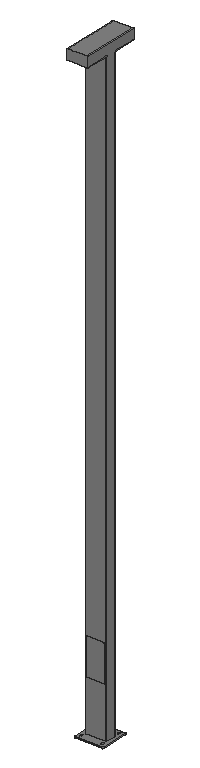
Revit family "Супремус В", category Осветительные приборы, Revit 2019 (continued)
Parameters (values of type "ДТУ121с10 Светодиодный светильник Супремус-B ДТУ-121-AF-ДТУП1212(60Вт)+ДТУП1212(60Вт)-6,0")
    9 10.2 9.6 9.0\r\n 8.4 7.8 7.2 6.6 6.2 6.0 5.8 5.3 4.7 4.2 3.7 3.2 2.9 2.7 2.5 2.3 2.1 1.9 1.8 1.7 1.5 1.3 1.2 1.0 1.0 0.0 0.0 0.0 0.0 0.0 0.0 0.0\r\n 0.0 0.0 0.0 0.0 0.0 0.0 0.0 0.0 0.0 0.0 0.0 0.0 0.0 0.0 0.0 0.0 0.0 0.0 0.0 0.0 0.0 0.0 0.0 0.0 0.0 0.0 0.0 0.0 0.0 0.0 0.0 0.0\r\n 0.0 0.0 0.0 0.0 0.0 0.0 0.0 0.0 0.0 0.0 0.0 0.0 0.0 0.0 0.0 0.0 0.0 0.0 0.0 0.0 0.0 0.0 0.0 0.0 0.0 0.0 0.0 0.0 0.0 0.0 0.0 0.0\r\n 0.0 0.0 0.0 0.0 0.0 0.0 0.0 0.0 0.0 0.0 0.0 0.0 0.0 0.0 0.0 0.0 0.0 0.0 0.0 0.0 0.0 0.0 0.0 0.0 0.0 0.0 0.0 0.0 0.0 0.0 0.0 0.0\r\n 0.0 0.0 0.0 0.0 0.0 0.0 0.0 0.0 0.0 0.0 0.0 0.0 0.0 0.0 0.0 0.0 0.0 0.0 0.0 0.0 0.0 0.0 0.0 0.0 0.0 0.0 0.0 0.0 0.0 0.0 0.0 0.0\r\n 0.0 0.0 0.0 0.0 0.0 0.0 0.0 0.0 0.0 0.0 0.0 0.0 0.0 0.0 0.0 0.0 0.0 0.0 0.0 0.0 0.0 0.0 0.0 0.0 0.0\r\n275.6 277.4 279.5 281.4 283.3 285.3 287.6 289.9 292.3 294.7 297.0 299.3 301.4 303.4 305.3 307.0 308.7 310.4 311.9 313.4 314.6\r\n 316.1 317.5 318.7 320.3 321.7 323.3 324.5 325.8 326.8 328.0 328.8 329.9 330.8 331.6 332.5 333.2 333.9 334.5 335.1 335.7 336.6\r\n 337.3 337.8 338.6 339.6 340.5 341.6 342.9 344.1 345.7 347.1 348.4 349.7 350.9 352.2 353.3 354.7 355.7 356.9 358.1 359.5 360.9\r\n 362.4 363.5 364.9 366.1 367.4 368.8 369.7 370.4 371.1 372.1 373.0 374.4 375.3 375.2 375.3 375.4 374.5 373.0 371.0 369.5 368.2\r\n 366.9 365.5 363.6 361.8 360.1 358.5 357.1 355.2 353.4 351.1 349.3 347.1 345.0 342.9 340.8 338.6 336.1 333.2 330.1 326.7 323.2\r\n 318.9 314.3 309.6 304.4 298.8 293.2 287.5 281.8 276.2 271.0 265.7 261.0 256.7 251.9 247.4 242.6 237.2 232.0 226.6 220.7 214.4\r\n 208.2 201.6 195.0 187.8 180.7 173.7 166.6 159.8 152.9 145.8 138.0 129.5 120.7 111.2 101.8 92.6 83.6 75.3 68.1 61.9 55.7 51.0 46.8\r\n 43.5 40.5 37.8 35.7 33.8 32.1 30.5 29.0 27.6 26.2 24.9 23.6 22.4 21.2 20.1 19.1 18.2 17.3 16.5 15.9 15.2 14.2 13.3 12.5 11.8 11.0\r\n 10.1 9.3 8.4 7.7 7.0 6.5 6.2 5.9 5.4 4.7 4.3 3.8 3.3 2.8 2.5 2.3 2.0 1.8 1.7 1.5 1.4 1.3 1.1 0.9 0.9 0.8 0.0 0.0 0.0 0.0 0.0 0.0\r\n 0.0 0.0 0.0 0.0 0.0 0.0 0.0 0.0 0.0 0.0 0.0 0.0 0.0 0.0 0.0 0.0 0.0 0.0 0.0 0.0 0.0 0.0 0.0 0.0 0.0 0.0 0.0 0.0 0.0 0.0 0.0 0.0\r\n 0.0 0.0 0.0 0.0 0.0 0.0 0.0 0.0 0.0 0.0 0.0 0.0 0.0 0.0 0.0 0.0 0.0 0.0 0.0 0.0 0.0 0.0 0.0 0.0 0.0 0.0 0.0 0.0 0.0 0.0 0.0 0.0\r\n 0.0 0.0 0.0 0.0 0.0 0.0 0.0 0.0 0.0 0.0 0.0 0.0 0.0 0.0 0.0 0.0 0.0 0.0 0.0 0.0 0.0 0.0 0.0 0.0 0.0 0.0 0.0 0.0 0.0 0.0 0.0 0.0\r\n 0.0 0.0 0.0 0.0 0.0 0.0 0.0 0.0 0.0 0.0 0.0 0.0 0.0 0.0 0.0 0.0 0.0 0.0 0.0 0.0 0.0 0.0 0.0 0.0 0.0 0.0 0.0 0.0 0.0 0.0 0.0 0.0\r\n 0.0 0.0 0.0 0.0 0.0 0.0 0.0 0.0 0.0 0.0 0.0 0.0 0.0 0.0 0.0 0.0 0.0 0.0 0.0 0.0 0.0 0.0 0.0 0.0 0.0 0.0\r\n275.6 277.4 279.0 280.8 282.6 284.4 286.4 288.3 290.5 292.5 294.6 296.7 298.6 300.6 302.3 303.9 305.5 307.0 308.3 309.7 311.1\r\n 312.4 313.5 314.5 315.6 316.8 318.1 319.4 320.8 321.9 323.2 324.2 325.3 326.3 327.1 327.8 328.4 329.2 330.2 330.9 331.8 332.5\r\n 333.0 333.7 334.3 335.3 336.0 336.9 337.8 339.0 340.2 341.6 343.0 344.5 346.0 347.8 349.5 351.3 353.2 355.0 356.8 358.6 360.5\r\n 362.8 365.0 367.0 369.7 372.1 374.4 376.7 379.0 380.6 382.2 383.8 385.2 387.1 388.5 389.2 390.5 391.4 391.3 390.9 389.9 389.9\r\n 389.9 389.8 389.8 389.8 389.8 390.2 390.2 391.2 392.0 392.7 393.0 392.8 392.5 392.4 392.1 391.7 391.3 391.1 390.2 389.3 387.9\r\n 386.2 384.4 382.2 379.1 375.7 372.2 368.6 364.6 360.5 356.3 352.3 348.5 344.7 340.8 336.9 333.0 328.6 324.0 319.0 313.7 307.3\r\n 300.7 293.7 285.8 277.7 269.5 261.0 251.8 242.1 231.0 219.4 207.8 195.8 183.3 170.4 157.8 145.2 133.3 121.5 109.6 98.5 87.6 77.8\r\n 68.4 60.2 53.3 47.3 42.4 38.8 35.8 33.2 30.7 28.7 27.1 25.8 24.6 23.6 22.9 22.0 21.4 20.9 20.3 19.5 18.6 17.9 16.9 15.7 14.5 13.3\r\n 12.1 11.0 9.8 8.8 7.9 7.1 6.5 5.9 5.4 5.2 4.6 4.2 3.6 3.2 2.7 2.3 1.9 1.7 1.5 1.4 1.3 1.1 1.0 0.9 0.8 0.7 0.6 0.0 0.0 0.0 0.0 0.0\r\n 0.0 0.0 0.0 0.0 0.0 0.0 0.0 0.0 0.0 0.0 0.0 0.0 0.0 0.0 0.0 0.0 0.0 0.0 0.0 0.0 0.0 0.0 0.0 0.0 0.0 0.0 0.0 0.0 0.0 0.0 0.0 0.0\r\n 0.0 0.0 0.0 0.0 0.0 0.0 0.0 0.0 0.0 0.0 0.0 0.0 0.0 0.0 0.0 0.0 0.0 0.0 0.0 0.0 0.0 0.0 0.0 0.0 0.0 0.0 0.0 0.0 0.0 0.0 0.0 0.0\r\n 0.0 0.0 0.0 0.0 0.0 0.0 0.0 0.0 0.0 0.0 0.0 0.0 0.0 0.0 0.0 0.0 0.0 0.0 0.0 0.0 0.0 0.0 0.0 0.0 0.0 0.0 0.0 0.0 0.0 0.0 0.0 0.0\r\n 0.0 0.0 0.0 0.0 0.0 0.0 0.0 0.0 0.0 0.0 0.0 0.0 0.0 0.0 0.0 0.0 0.0 0.0 0.0 0.0 0.0 0.0 0.0 0.0 0.0 0.0 0.0 0.0 0.0 0.0 0.0 0.0\r\n 0.0 0.0 0.0 0.0 0.0 0.0 0.0 0.0 0.0 0.0 0.0 0.0 0.0 0.0 0.0 0.0 0.0 0.0 0.0 0.0 0.0 0.0 0.0 0.0 0.0 0.0 0.0\r\n275.6 277.2 278.7 280.3 281.9 283.4 285.0 287.0 288.7 290.5 292.1 294.0 295.6 297.3 299.0 300.5 301.9 303.2 304.5 305.8 306.9\r\n 308.1 309.0 310.0 311.2 312.1 313.2 314.2 315.4 316.3 317.6 318.6 319.8 320.9 321.8 322.7 323.5 324.4 325.2 325.9 326.8 327.9\r\n 328.8 329.9 330.8 331.5 332.5 333.1 333.8 334.8 335.7 336.9 338.2 339.5 341.0 342.6 344.4 346.1 348.0 350.3 352.4 354.7 357.2\r\n 359.7 362.4 365.0 367.8 370.6 373.6 376.6 379.5 382.0 384.5 386.7 388.8 390.8 393.0 395.0 396.3 398.6 400.6 401.8 402.7 403.8\r\n 404.7 406.3 408.0 409.7 411.5 413.0 414.8 417.1 419.2 421.0 423.0 425.1 427.3 429.1 431.5 433.3 435.0 436.5 437.9 439.2 440.3\r\n 441.0 440.5 439.3 437.6 435.9 433.6 431.5 429.3 426.6 423.7 419.9 415.6 410.8 405.5 399.9 394.4 388.7 382.5 376.1 369.6 363.0\r\n 356.5 349.8 342.5 334.5 326.3 316.7 305.9 294.3 282.0 268.7 254.2 238.5 222.1 205.4 188.2 171.6 156.4 142.2 129.9 118.4 108.2\r\n 97.9 88.4 79.7 71.7 64.7 57.8 50.8 45.8 41.7 38.0 34.8 32.4 30.2 28.4 27.0 25.7 24.7 23.8 22.8 21.7 20.4 19.2 18.2 17.1 15.8 14.3\r\n 12.6 11.3 10.3 9.2 8.2 7.2 6.5 5.8 5.2 4.8 4.5 4.2 3.7 3.1 2.7 2.2 1.8 1.5 1.4 1.3 1.2 1.0 0.9 0.8 0.7 0.6 0.6 0.5 0.0 0.0 0.0\r\n 0.0 0.0 0.0 0.0 0.0 0.0 0.0 0.0 0.0 0.0 0.0 0.0 0.0 0.0 0.0 0.0 0.0 0.0 0.0 0.0 0.0 0.0 0.0 0.0 0.0 0.0 0.0 0.0 0.0 0.0 0.0 0.0\r\n 0.0 0.0 0.0 0.0 0.0 0.0 0.0 0.0 0.0 0.0 0.0 0.0 0.0 0.0 0.0 0.0 0.0 0.0 0.0 0.0 0.0 0.0 0.0 0.0 0.0 0.0 0.0 0.0 0.0 0.0 0.0 0.0\r\n 0.0 0.0 0.0 0.0 0.0 0.0 0.0 0.0 0.0 0.0 0.0 0.0 0.0 0.0 0.0 0.0 0.0 0.0 0.0 0.0 0.0 0.0 0.0 0.0 0.0 0.0 0.0 0.0 0.0 0.0 0.0 0.0\r\n 0.0 0.0 0.0 0.0 0.0 0.0 0.0 0.0 0.0 0.0 0.0 0.0 0.0 0.0 0.0 0.0 0.0 0.0 0.0 0.0 0.0 0.0 0.0 0.0 0.0 0.0 0.0 0.0 0.0 0.0 0.0 0.0\r\n 0.0 0.0 0.0 0.0 0.0 0.0 0.0 0.0 0.0 0.0 0.0 0.0 0.0 0.0 0.0 0.0 0.0 0.0 0.0 0.0 0.0 0.0 0.0 0.0 0.0 0.0 0.0 0.0 0.0\r\n275.6 276.9 278.3 279.7 281.1 282.4 283.8 285.1 286.7 288.2 289.5 290.9 292.4 293.9 295.3 296.7 297.9 299.2 300.0 301.2 302.3\r\n 303.3 304.4 305.5 306.3 307.3 308.4 309.1 310.0 310.7 311.6 312.7 313.7 314.7 315.8 316.8 317.8 318.9 319.9 320.9 321.8 323.1\r\n 324.1 325.3 326.1 327.1 328.1 329.0 330.3 331.4 332.6 333.6 334.8 335.9 337.3 338.6 340.0 341.4 343.0 344.8 346.8 348.6 350.8\r\n 353.2 355.4 358.0 360.6 363.5 366.5 369.9 373.2 376.6 379.9 382.9 385.7 388.4 391.0 393.7 396.3 398.9 401.6 404.0 406.2 408.6\r\n 410.8 412.7 415.5 418.2 420.9 423.8 426.8 430.4 433.8 436.6 439.8 442.8 446.0 449.4 453.0 456.8 460.6 463.8 467.4 470.3 473.3\r\n 475.4 476.4 476.1 475.0 473.4 471.0 468.0 464.4 460.2 455.0 449.3 444.2 440.2 435.9 431.9 427.8 422.5 417.1 411.2 404.8 397.6\r\n 389.4 380.5 371.0 361.4 350.9 339.9 328.0 315.6 301.7 287.4 272.9 257.5 241.8 225.9 210.2 194.3 179.0 164.6 151.6 140.3 131.3\r\n 122.2 113.1 105.9 98.4 90.6 82.7 75.1 67.9 61.0 54.5 48.8 43.8 39.8 35.8 32.4 29.3 26.5 24.4 22.5 20.8 19.2 17.8 16.7 15.7 14.3\r\n 12.9 11.3 10.0 9.1 8.1 7.2 6.5 5.8 5.1 4.5 4.1 3.8 3.4 3.0 2.6 2.2 1.8 1.5 1.3 1.2 1.1 1.0 0.8 0.8 0.7 0.6 0.5 0.5 0.5 0.0 0.0\r\n 0.0 0.0 0.0 0.0 0.0 0.0 0.0 0.0 0.0 0.0 0.0 0.0 0.0 0.0 0.0 0.0 0.0 0.0 0.0 0.0 0.0 0.0 0.0 0.0 0.0 0.0 0.0 0.0 0.0 0.0 0.0 0.0\r\n 0.0 0.0 0.0 0.0 0.0 0.0 0.0 0.0 0.0 0.0 0.0 0.0 0.0 0.0 0.0 0.0 0.0 0.0 0.0 0.0 0.0 0.0 0.0 0.0 0.0 0.0 0.0 0.0 0.0 0.0 0.0 0.0\r\n 0.0 0.0 0.0 0.0 0.0 0.0 0.0 0.0 0.0 0.0 0.0 0.0 0.0 0.0 0.0 0.0 0.0 0.0 0.0 0.0 0.0 0.0 0.0 0.0 0.0 0.0 0.0 0.0 0.0 0.0 0.0 0.0\r\n 0.0 0.0 0.0 0.0 0.0 0.0 0.0 0.0 0.0 0.0 0.0 0.0 0.0 0.0 0.0 0.0 0.0 0.0 0.0 0.0 0.0 0.0 0.0 0.0 0.0 0.0 0.0 0.0 0.0 0.0 0.0 0.0\r\n 0.0 0.0 0.0 0.0 0.0 0.0 0.0 0.0 0.0 0.0 0.0 0.0 0.0 0.0 0.0 0.0 0.0 0.0 0.0 0.0 0.0 0.0 0.0 0.0 0.0 0.0 0.0 0.0 0.0 0.0\r\n275.6 276.8 277.9 279.2 280.4 281.4 282.4 283.6 284.8 286.0 287.0 288.2 289.3 290.5 291.6 292.6 293.7 294.7 295.7 296.6 297.5\r\n 298.4 299.3 300.1 301.0 301.9 302.8 303.5 304.2 305.1 306.0 307.0 308.0 308.8 309.6 310.7 311.5 312.5 313.6 314.7 315.9 317.0\r\n 318.4 319.6 320.9 322.1 323.4 324.8 326.1 327.5 328.9 330.4 331.7 332.9 334.2 335.7 337.0 338.4 339.9 341.3 342.9 344.7 346.5\r\n 348.3 350.2 352.3 354.3 356.5 359.3 362.0 365.0 368.2 371.6 375.1 378.4 381.7 384.7 387.5 390.8 393.9 397.0 399.9 402.8 405.5\r\n 408.2 411.2 414.7 418.5 422.0 425.4 429.6 434.1 438.1 441.8 445.5 449.0 452.7 456.0 459.5 463.1 466.3 469.9 473.0 476.0 479.3\r\n 481.3 482.5 482.3 480.8 479.3 477.9 475.6 472.9 469.4 465.6 461.4 457.4 452.8 447.6 442.7 438.0 433.0 427.9 421.8 414.9 407.1\r\n 399.3 391.2 381.6 371.5 360.2 348.1 334.5 320.6 306.5 292.0 277.6 263.7 249.5 236.1 222.9 210.4 199.3 190.1 182.3 175.5 169.4\r\n 163.4 156.3 148.6 140.2 130.6 120.7 110.5 100.5 90.6 80.2 70.3 62.1 54.0 45.8 40.0 35.3 31.5 28.3 25.5 22.9 20.6 18.3 16.1 14.0\r\n 12.1 10.6 9.4 8.3 7.3 6.4 5.6 4.9 4.4 4.0 3.6 3.3 3.0 2.7 2.3 2.0 1.7 1.4 1.3 1.1 1.0 0.9 0.8 0.7 0.6 0.6 0.5 0.5 0.5 0.5 0.0 0.0\r\n 0.0 0.0 0.0 0.0 0.0 0.0 0.0 0.0 0.0 0.0 0.0 0.0 0.0 0.0 0.0 0.0 0.0 0.0 0.0 0.0 0.0 0.0 0.0 0.0 0.0 0.0 0.0 0.0 0.0 0.0 0.0 0.0\r\n 0.0 0.0 0.0 0.0 0.0 0.0 0.0 0.0 0.0 0.0 0.0 0.0 0.0 0.0 0.0 0.0 0.0 0.0 0.0 0.0 0.0 0.0 0.0 0.0 0.0 0.0 0.0 0.0 0.0 0.0 0.0 0.0\r\n 0.0 0.0 0.0 0.0 0.0 0.0 0.0 0.0 0.0 0.0 0.0 0.0 0.0 0.0 0.0 0.0 0.0 0.0 0.0 0.0 0.0 0.0 0.0 0.0 0.0 0.0 0.0 0.0 0.0 0.0 0.0 0.0\r\n 0.0 0.0 0.0 0.0 0.0 0.0 0.0 0.0 0.0 0.0 0.0 0.0 0.0 0.0 0.0 0.0 0.0 0.0 0.0 0.0 0.0 0.0 0.0 0.0 0.0 0.0 0.0 0.0 0.0 0.0 0.0 0.0\r\n 0.0 0.0 0.0 0.0 0.0 0.0 0.0 0.0 0.0 0.0 0.0 0.0 0.0 0.0 0.0 0.0 0.0 0.0 0.0 0.0 0.0 0.0 0.0 0.0 0.0 0.0 0.0 0.0 0.0 0.0\r\n275.6 276.7 277.6 278.7 279.4 280.4 281.3 282.1 282.8 283.7 284.6 285.2 286.1 287.0 287.7 288.5 289.3 290.0 290.7 291.6 292.2\r\n 293.1 293.9 294.5 295.3 295.9 296.5 297.2 298.1 298.8 299.6 300.5 301.4 302.3 303.5 304.3 305.5 306.4 307.3 308.5 309.4 310.7\r\n 311.7 313.1 314.4 315.8 317.0 318.6 320.1 321.7 323.4 325.2 326.6 328.4 329.8 331.2 332.8 334.1 335.7 337.0 338.7 340.5 342.5\r\n 344.1 346.1 348.3 350.4 352.8 355.1 357.6 360.4 363.5 366.6 369.8 373.1 376.4 379.7 382.7 385.9 388.6 391.5 394.2 396.9 399.8\r\n 403.0 406.8 410.5 414.2 417.3 420.9 425.1 429.1 432.5 435.7 438.7 441.6 444.3 447.3 450.2 453.3 456.1 458.9 461.6 464.3 466.2\r\n 468.1 469.9 470.9 471.8 472.5 473.5 473.6 471.9 468.6 465.7 462.6 458.8 454.9 450.1 445.4 440.5 435.5 430.0 424.7 418.8 412.1\r\n 405.0 396.3 386.4 376.1 365.1 353.7 342.1 329.5 317.0 304.3 291.7 279.7 268.8 259.9 252.0 244.3 236.7 229.6 222.7 216.8 211.3\r\n 205.1 197.0 186.5 176.0 164.4 150.6 136.9 123.1 109.5 98.3 87.9 77.6 66.8 56.8 47.9 40.7 35.2 30.9 27.3 24.3 21.7 19.3 17.1 15.2\r\n 13.4 11.7 10.3 9.0 7.9 6.7 5.6 4.8 4.2 3.7 3.4 3.0 2.7 2.4 2.0 1.7 1.4 1.2 1.0 0.9 0.8 0.7 0.6 0.5 0.5 0.5 0.5 0.4 0.3 0.2 0.1\r\n 0.0 0.0 0.0 0.0 0.0 0.0 0.0 0.0 0.0 0.0 0.0 0.0 0.0 0.0 0.0 0.0 0.0 0.0 0.0 0.0 0.0 0.0 0.0 0.0 0.0 0.0 0.0 0.0 0.0 0.0 0.0 0.0\r\n 0.0 0.0 0.0 0.0 0.0 0.0 0.0 0.0 0.0 0.0 0.0 0.0 0.0 0.0 0.0 0.0 0.0 0.0 0.0 0.0 0.0 0.0 0.0 0.0 0.0 0.0 0.0 0.0 0.0 0.0 0.0 0.0\r\n 0.0 0.0 0.0 0.0 0.0 0.0 0.0 0.0 0.0 0.0 0.0 0.0 0.0 0.0 0.0 0.0 0.0 0.0 0.0 0.0 0.0 0.0 0.0 0.0 0.0 0.0 0.0 0.0 0.0 0.0 0.0 0.0\r\n 0.0 0.0 0.0 0.0 0.0 0.0 0.0 0.0 0.0 0.0 0.0 0.0 0.0 0.0 0.0 0.0 0.0 0.0 0.0 0.0 0.0 0.0 0.0 0.0 0.0 0.0 0.0 0.0 0.0 0.0 0.0 0.0\r\n 0.0 0.0 0.0 0.0 0.0 0.0 0.0 0.0 0.0 0.0 0.0 0.0 0.0 0.0 0.0 0.0 0.0 0.0 0.0 0.0 0.0 0.0 0.0 0.0 0.0 0.0 0.0 0.0 0.0 0.0 0.0\r\n275.6 276.4 277.2 278.0 278.6 279.4 279.9 280.5 281.1 281.5 281.9 282.5 283.0 283.6 284.1 284.5 285.0 285.3 285.8 286.2 286.7\r\n 287.3 287.9 288.4 289.0 289.6 290.0 290.7 291.3 292.0 292.9 293.5 294.2 295.0 296.1 297.0 298.1 299.1 300.1 301.2 302.4 303.6\r\n 304.9 306.3 307.5 309.0 310.5 312.0 313.6 315.2 316.8 318.4 320.0 321.6 323.1 324.8 326.2 327.8 329.3 331.0 332.7 334.2 336.0\r\n 338.2 339.9 342.0 344.1 346.3 348.7 351.1 353.7 356.2 359.2 362.2 365.2 368.4 371.6 374.6 377.5 380.3 382.9 385.9 388.5 391.4\r\n 394.5 397.8 401.6 404.7 407.8 411.4 415.3 418.4 420.9 423.2 425.3 427.8 430.5 433.0 435.8 438.8 441.5 444.4 447.5 449.3 451.0\r\n 452.8 454.1 455.5 455.9 456.3 457.0 457.6 457.7 457.0 455.5 453.4 451.2 448.9 445.9 442.7 438.5 434.1 429.1 424.0 418.0 411.1\r\n 403.6 394.6 385.0 375.1 364.5 353.6 342.4 330.7 320.1 310.4 302.2 295.4 289.6 283.9 278.8 273.1 267.1 260.7 254.5 247.8 240.3\r\n 231.6 221.4 209.2 194.9 178.6 161.7 145.4 130.0 116.3 103.1 89.8 76.2 64.8 53.4 42.0 35.5 30.8 27.1 24.0 21.3 19.1 17.2 15.4 13.8\r\n 12.4 11.2 9.7 8.2 7.1 6.2 5.2 4.5 3.9 3.5 3.0 2.7 2.4 2.0 1.7 1.5 1.3 1.0 0.8 0.7 0.6 0.6 0.6 0.6 0.5 0.5 0.6 0.6 0.6 0.6 0.0 0.0\r\n 0.0 0.0 0.0 0.0 0.0 0.0 0.0 0.0 0.0 0.0 0.0 0.0 0.0 0.0 0.0 0.0 0.0 0.0 0.0 0.0 0.0 0.0 0.0 0.0 0.0 0.0 0.0 0.0 0.0 0.0 0.0 0.0\r\n 0.0 0.0 0.0 0.0 0.0 0.0 0.0 0.0 0.0 0.0 0.0 0.0 0.0 0.0 0.0 0.0 0.0 0.0 0.0 0.0 0.0 0.0 0.0 0.0 0.0 0.0 0.0 0.0 0.0 0.0 0.0 0.0\r\n 0.0 0.0 0.0 0.0 0.0 0.0 0.0 0.0 0.0 0.0 0.0 0.0 0.0 0.0 0.0 0.0 0.0 0.0 0.0 0.0 0.0 0.0 0.0 0.0 0.0 0.0 0.0 0.0 0.0 0.0 0.0 0.0\r\n 0.0 0.0 0.0 0.0 0.0 0.0 0.0 0.0 0.0 0.0 0.0 0.0 0.0 0.0 0.0 0.0 0.0 0.0 0.0 0.0 0.0 0.0 0.0 0.0 0.0 0.0 0.0 0.0 0.0 0.0 0.0 0.0\r\n 0.0 0.0 0.0 0.0 0.0 0.0 0.0 0.0 0.0 0.0 0.0 0.0 0.0 0.0 0.0 0.0 0.0 0.0 0.0 0.0 0.0 0.0 0.0 0.0 0.0 0.0 0.0 0.0 0.0 0.0\r\n275.6 276.3 276.8 277.2 277.8 278.3 278.7 279.1 279.3 279.5 279.8 280.0 280.0 280.4 280.5 280.9 280.9 281.0 281.3 281.3 281.5\r\n 281.7 282.0 282.2 282.5 282.7 283.2 283.6 284.1 284.6 285.2 285.9 286.4 287.1 288.1 288.9 289.8 290.9 291.7 292.6 293.7 294.8\r\n 296.2 297.3 298.6 300.0 301.5 303.1 304.6 306.1 307.7 309.2 310.8 312.2 313.8 315.4 317.0 318.7 320.5 322.1 323.8 325.7 327.3\r\n 329.1 331.1 332.9 334.8 336.9 339.2 341.6 343.9 346.3 348.6 351.1 353.6 356.0 358.3 360.9 363.4 365.7 368.1 370.4 372.9 375.7\r\n 378.5 381.9 385.2 387.0 389.6 392.9 396.0 398.7 401.0 403.1 405.3 407.7 410.7 413.1 416.0 418.8 421.3 423.6 425.8 427.3 428.4\r\n 429.5 430.5 431.3 432.1 433.3 434.9 435.9 436.6 437.2 437.9 438.2 438.7 438.3 437.8 435.9 433.2 430.0 426.7 422.2 416.7 409.9\r\n 403.1 395.6 386.8 377.7 368.4 358.6 349.1 340.8 333.0 326.4 320.8 316.2 311.9 307.1 301.7 296.1 289.8 283.8 277.1 268.7 259.1\r\n 248.0 234.3 217.7 200.0 181.5 162.0 144.1 128.4 112.9 97.3 81.0 64.4 51.1 41.9 34.8 29.5 25.4 22.3 19.8 17.8 16.0 14.4 13.0 11.8\r\n 10.6 9.5 8.4 7.5 6.5 5.5 4.8 4.1 3.6 3.2 2.8 2.5 2.3 2.0 1.6 1.4 1.3 1.0 0.7 0.6 0.6 0.6 0.6 0.6 0.6 0.6 0.6 0.6 0.7 0.7 0.0 0.0\r\n 0.0 0.0 0.0 0.0 0.0 0.0 0.0 0.0 0.0 0.0 0.0 0.0 0.0 0.0 0.0 0.0 0.0 0.0 0.0 0.0 0.0 0.0 0.0 0.0 0.0 0.0 0.0 0.0 0.0 0.0 0.0 0.0\r\n 0.0 0.0 0.0 0.0 0.0 0.0 0.0 0.0 0.0 0.0 0.0 0.0 0.0 0.0 0.0 0.0 0.0 0.0 0.0 0.0 0.0 0.0 0.0 0.0 0.0 0.0 0.0 0.0 0.0 0.0 0.0 0.0\r\n 0.0 0.0 0.0 0.0 0.0 0.0 0.0 0.0 0.0 0.0 0.0 0.0 0.0 0.0 0.0 0.0 0.0 0.0 0.0 0.0 0.0 0.0 0.0 0.0 0.0 0.0 0.0 0.0 0.0 0.0 0.0 0.0\r\n 0.0 0.0 0.0 0.0 0.0 0.0 0.0 0.0 0.0 0.0 0.0 0.0 0.0 0.0 0.0 0.0 0.0 0.0 0.0 0.0 0.0 0.0 0.0 0.0 0.0 0.0 0.0 0.0 0.0 0.0 0.0 0.0\r\n 0.0 0.0 0.0 0.0 0.0 0.0 0.0 0.0 0.0 0.0 0.0 0.0 0.0 0.0 0.0 0.0 0.0 0.0 0.0 0.0 0.0 0.0 0.0 0.0 0.0 0.0 0.0 0.0 0.0 0.0\r\n275.6 276.0 276.4 276.6 276.9 277.2 277.3 277.4 277.5 277.4 277.4 277.3 277.3 277.2 277.1 277.1 276.9 276.9 276.8 276.7 276.7\r\n 276.6 276.5 276.6 276.6 276.6 276.8 276.9 277.2 277.4 277.8 278.1 278.8 279.3 279.8 280.4 281.2 282.0 283.0 284.0 284.8 285.8\r\n 286.6 287.7 289.0 290.1 291.4 292.9 293.9 295.1 296.4 297.6 298.9 300.3 301.6 303.1 304.6 306.0 307.5 309.3 310.9 312.5 314.2\r\n 316.0 317.7 319.5 321.3 323.4 325.4 327.5 329.3 331.5 333.6 335.9 338.1 340.4 342.6 344.8 347.2 349.5 351.6 354.0 356.9 359.7\r\n 362.4 365.6 367.8 369.4 372.0 374.4 376.6 378.5 380.1 381.7 383.1 385.2 387.4 389.4 391.3 393.3 395.2 396.7 398.3 399.2 400.1\r\n 401.1 402.0 403.6 405.2 407.2 409.2 410.2 411.7 413.4 414.7 416.0 417.0 417.8 417.8 416.8 414.8 412.3 410.0 407.1 403.0 397.9\r\n 392.1 385.6 378.3 370.7 363.5 356.1 349.1 342.8 337.4 332.5 328.5 324.8 320.4 315.5 310.0 305.
